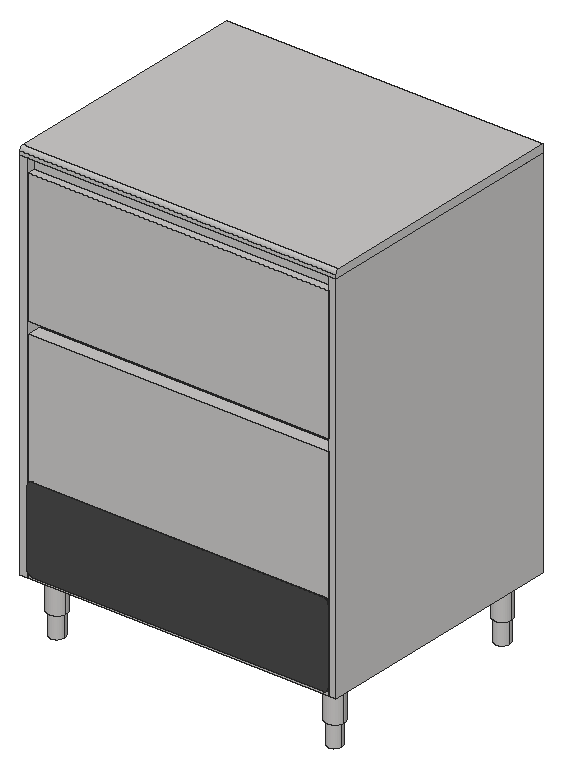
Revit family "QF_ELECTROLUXPROFESSIONAL_730307_ICB153I75SNP", category Attrezzature speciali, Revit 2018
Family settings
  Quota connettore circolare = Usa diametro
  Tipo di parte = Normale
  Basato su piano di lavoro = No
  Sempre verticale = Sì
  Taglio con vuoti quando caricato = No
  Condiviso = No
  Punto di calcolo locali = No
Parameters (values of type "Standard")
  Weight = 95.00 kg
  Watts = 0 W
  Volts = 220 V
  URL Manufacturer = "https://www.electroluxprofessional.com/"
  URL = "https://www.electroluxprofessional.com/"
  Steam Supply Size = 0 mm
  Steam Supply Minimum Pressure = 0.0 Pa
  Steam Supply Maximum Pressure = 0.0 Pa
  Steam Pounds per Hour = 0
  Show Logo [instance] = yes
  Show Clearance [instance] = yes
  Refrigeration Suction Line Size = 0 mm
  Refrigeration Liquid Line Size = 0 mm
  Refrigerant Compressor Remote = yes
  Produttore = "Electrolux Professional"
  Phase = 1
  Modello = "ICB153I75SNP"
  Length Actual = 860 mm  # constant formula
  Item Number = "730307"
  Hot Water Size = 0 mm
  Height Actual = 1149 mm  # constant formula
  HP = "0 HP"
  Gas Size = 0 mm
  Gas KW = 0
  Gas Input Pressure = 0 W
  Descrizione = "AIR COOLED ICE CUBER 22GR 153KG/24H-BIN 75KG"
  Depth Actual = 700 mm  # constant formula
  Cycle = 50 Hz
  Condensate Return Size = 0 mm
  Compressed Air Volume = 0.0 L/s
  Compressed Air Size = 0 mm
  Compressed Air Pressure = 0.0 Pa
  Cold Water Size = 19.05 mm
  Accessory = yes
Reference planes
  plane 1 "Center X": y = 272.851
  plane 2: z = 0
  plane 3 "Center Y": x = -501.5
  plane 4 "LEFT": x = -931.5
  plane 5 "RIGHT": x = -71.5
  plane 6 "FRONT": y = -77.649
  plane 7 "BACK": y = 623.351
  plane 8: z = 154
  plane 9: z = 1198
  plane 10: z = 1178
  plane 11: x = -911.5
  plane 12: x = -91.5
  plane 13: y = -37.649
Forms (mm)
  Extrusion 1, solid, material "QF_Finishes_Black"
    sketch origin (-217.296, -77.649, 371.513) x (-1, 0, 0) y (0, 0, -1)
      loop
        arc (679.204, -20.487) -> (689.811, -16.093) -> (694.204, -5.487) r 15
        line (694.204, -5.487) -> (694.204, 195.469)
        arc (694.204, 195.469) -> (689.811, 206.075) -> (679.204, 210.469) r 15
        line (679.204, 210.469) -> (-110.796, 210.469)
        arc (-110.796, 210.469) -> (-121.403, 206.075) -> (-125.796, 195.469) r 15
        line (-125.796, 195.469) -> (-125.796, -5.487)
        arc (-125.796, -5.487) -> (-121.403, -16.093) -> (-110.796, -20.487) r 15
        line (-110.796, -20.487) -> (679.204, -20.487)
    from 0 to 2
  Extrusion 2, solid, material "QF_Finishes_Stainless Steel"
    sketch origin (-501.5, 0, 0) x (0, 1, 0) y (0, 0, 1)
      loop
        line (623.351, 1178) -> (623.351, 1198) -> (-67.649, 1198)
        arc (-67.649, 1198) -> (-74.72, 1195.071) -> (-77.649, 1188) r 10
        line (-77.649, 1188) -> (-77.649, 1178) -> (623.351, 1178)
    from -430 to 430
  Extrusion 3, solid, material "QF_Finishes_Stainless Steel"
    sketch origin (-519.2, 623.351, -284.545) x (1, 0, 0) y (0, 0, -1)
      loop
        circle (378.2, -654.545) r 10
    from 0 to 10
  Extrusion 4, solid, material "QF_Finishes_Stainless Steel"
    sketch origin (0, 0, 0) x (1, 0, 0) y (0, 1, 0)
      loop
        line (-931.5, 623.351) -> (-931.5, -77.649) -> (-911.5, -77.649) -> (-911.5, 623.351) -> (-931.5, 623.351)
    from 154 to 1178
  Extrusion 5, solid, material "QF_Finishes_Stainless Steel"
    sketch origin (0, 0, 0) x (1, 0, 0) y (0, 1, 0)
      loop
        line (-91.5, 623.351) -> (-91.5, -77.649) -> (-71.5, -77.649) -> (-71.5, 623.351) -> (-91.5, 623.351)
    from 154 to 1178
  Extrusion 6, solid, material "QF_Finishes_Stainless Steel"
    sketch origin (0, 0, 0) x (1, 0, 0) y (0, 1, 0)
      loop
        line (-911.5, 623.351) -> (-911.5, -37.649) -> (-91.5, -37.649) -> (-91.5, 623.351) -> (-911.5, 623.351)
    from 154 to 1178
  Extrusion 7, solid, material "QF_Finishes_Stainless Steel"
    sketch origin (0, 0, 0) x (1, 0, 0) y (0, 1, 0)
      loop
        line (-911.5, -77.649) -> (-91.5, -77.649) -> (-91.5, -37.649) -> (-911.5, -37.649) -> (-911.5, -77.649)
    from 154 to 748.657
  Extrusion 8, solid, material "QF_Finishes_Stainless Steel"
    sketch origin (-501.5, 0, 0) x (0, 1, 0) y (0, 0, 1)
      loop
        line (-37.649, 1178) -> (-57.649, 1178) -> (-57.649, 1142) -> (-77.649, 1142) -> (-77.649, 780.633) -> (-57.649, 780.633) -> (-57.649, 765.633) -> (-37.649, 765.633) -> (-37.649, 1178)
    from -410 to 410
  Extrusion 9, solid, material "QF_Finishes_Stainless Steel"
    sketch origin (-504.7, 623.351, -432.545) x (1, 0, 0) y (0, 0, -1)
      loop
        circle (378.2, -654.545) r 10
    from 0 to 10
  Extrusion 10, solid, material "QF_Finishes_Stainless Steel"
    sketch origin (-560.2, 623.351, -316.545) x (1, 0, 0) y (0, 0, -1)
      loop
        circle (378.2, -654.545) r 10
    from 0 to 10
Lines and regions (mm)
  Split face 1
    outline origin (-501.5, -57.649, 1178) x (0, 0, -1) y (1, 0, 0)
      loop
        line (5.715, 287.428) -> (30.715, 287.428) -> (30.715, 327.428) -> (5.715, 327.428) -> (5.715, 287.428)
  symbolic lines
    curve 1: line (-931.5, 623.351, 0) -> (-71.5, 623.351, 0)
    curve 2: line (-931.5, -77.649, 0) -> (-931.5, 623.351, 0)
    curve 3: line (-71.5, -77.649, 0) -> (-931.5, -77.649, 0)
    curve 4: line (-71.5, 623.351, 0) -> (-71.5, -77.649, 0)
Dimensions and locks
  equal spacing: plane 4 "LEFT", plane 3 "Center Y", plane 5 "RIGHT"
  plane 4 "LEFT" to plane 5 "RIGHT" = 860 mm
  equal spacing: plane 7 "BACK", plane 1 "Center X", plane 6 "FRONT"
  plane 7 "BACK" to plane 6 "FRONT" = 701 mm
  plane 8 to plane 2 = 154 mm
  plane 9 to plane 8 = 1044 mm
  locked: plane 4 "LEFT" to plane 11 at 20
  locked: plane 12 to plane 5 "RIGHT" at 20
  locked: plane 9 to plane 10 at 20
  locked: plane 13 to plane 6 "FRONT" at 40
  aligned and locked: level to plane 2
  aligned and locked: plane 5 "RIGHT" to Extrusion 2
  aligned and locked: Extrusion 2 to plane 4 "LEFT"
  aligned and locked: Extrusion 4 sketch curve to Extrusion 2  (x2)
  aligned and locked: plane 6 "FRONT" to Extrusion 4 sketch curve
  aligned and locked: Extrusion 4 sketch curve to plane 11
  aligned and locked: Extrusion 5 sketch curve to plane 7 "BACK"
  aligned and locked: plane 12 to Extrusion 5 sketch curve
  aligned and locked: Extrusion 5 sketch curve to Extrusion 2  (x2)
  aligned and locked: plane 10 to Extrusion 4
  aligned and locked: plane 10 to Extrusion 5
  aligned and locked: Extrusion 4 to plane 8
  aligned and locked: Extrusion 5 to plane 8
  aligned and locked: Extrusion 6 sketch curve to Extrusion 4
  aligned and locked: Extrusion 4 to Extrusion 6 sketch curve
  aligned and locked: plane 13 to Extrusion 6 sketch curve
  aligned and locked: Extrusion 6 sketch curve to plane 12
  aligned and locked: plane 10 to Extrusion 6
  aligned and locked: Extrusion 6 to plane 8
  aligned and locked: Extrusion 4 to Extrusion 7 sketch curve
  aligned and locked: Extrusion 7 sketch curve to Extrusion 4
  aligned and locked: plane 13 to Extrusion 7 sketch curve
  aligned and locked: plane 12 to Extrusion 7 sketch curve
  aligned and locked: Extrusion 7 to plane 8
  aligned and locked: plane 12 to Extrusion 8
  aligned and locked: Extrusion 8 to plane 11
Automatic sketch dimensions
  curve 3 to plane 4 "LEFT" = 0 mm
  curve 3 to plane 5 "RIGHT" = 0 mm
  curve 3 to plane 6 "FRONT" = 0 mm
  curve 2 to plane 7 "BACK" = 0 mm
  Extrusion 1 sketch curve to plane 12 = 0 mm
  plane 8 to Extrusion 1 sketch curve = 7.044 mm
  Extrusion 1 sketch curve to Extrusion 1 sketch curve = 15 mm  (x3)
  plane 11 to Extrusion 1 sketch curve = 15 mm  (x2)
  Extrusion 1 sketch curve to Extrusion 1 sketch curve = 200.956 mm
  Extrusion 2 sketch curve to plane 6 "FRONT" = 0 mm
  Extrusion 2 sketch curve to plane 9 = 0 mm
  Extrusion 2 sketch curve to plane 7 "BACK" = 0 mm
  Extrusion 2 sketch curve to plane 10 = 0 mm
  plane 6 "FRONT" to Extrusion 2 sketch curve = 10 mm
  Extrusion 6 to Extrusion 3 sketch curve = 216 mm
  Extrusion 3 sketch curve to Extrusion 6 = 49.5 mm
  Split face 1 sketch curve to Extrusion 8 = 5.715 mm
  Extrusion 8 to Split face 1 sketch curve = 5.285 mm
  Split face 1 sketch curve to Extrusion 8 = 122.572 mm
  Split face 1 sketch curve to Split face 1 sketch curve = 40 mm
  Extrusion 9 sketch curve to Extrusion 6 = 35 mm
  Extrusion 6 to Extrusion 9 sketch curve = 68 mm
  Extrusion 10 sketch curve to Extrusion 6 = 90.5 mm
  Extrusion 6 to Extrusion 10 sketch curve = 184 mm
  Extrusion 8 sketch curve to plane 6 "FRONT" = 0 mm
  Extrusion 8 sketch curve to plane 10 = 0 mm
  Extrusion 8 sketch curve to plane 13 = 0 mm
  plane 6 "FRONT" to Extrusion 8 sketch curve = 20 mm
  Extrusion 8 sketch curve to Extrusion 8 sketch curve = 20 mm
  Extrusion 8 sketch curve to plane 10 = 36 mm
  Extrusion 8 sketch curve to Extrusion 8 sketch curve = 361.367 mm
  Extrusion 8 sketch curve to Extrusion 8 sketch curve = 15 mm
  radius of Extrusion 3 sketch curve = 10 mm
  radius of Extrusion 9 sketch curve = 10 mm
  radius of Extrusion 10 sketch curve = 10 mm
Nested families
  nested 1: "Foot_Complete" at (-879.5, -17.649, 0), type "Foot_Complete"
  nested 2: "Foot_Complete" at (-123.5, -17.649, 0) x (-1, 0, 0) z (0, 0, 1), type "Foot_Complete"
  nested 3: "Foot_Complete" at (-879.5, 552.351, 0), type "Foot_Complete"
  nested 4: "Foot_Complete" at (-123.5, 552.351, 0) x (-1, 0, 0) z (0, 0, 1), type "Foot_Complete"
Connectors
  electrical at (-126.5, 633.351, 222), driven by "Volts"
    settings: on Extrusion 9, index 1, voltage 220 V, apparent load 0 VA, apparent load phase1 0 VA, apparent load phase2 0 VA, apparent load phase3 0 VA, power factor 1, load classification "Altro", number of poles 1, system type 30, power factor state 1, is connector primary yes, connector utility no, sub classification motor no, connector description "Electrical Connection"
  piping at (-141, 633.351, 370), diameter 20
    settings: on Extrusion 3, index 2, connector inside diameter 609.6 mm, connector length 0 mm, flow factor 0, pipe flow 0.0 L/s, pressure drop 0.0 Pa, fitting loss kfactor 0, connector angle 0.00°, fixture units 0, engagement length 0 mm, angle of deflection 0.00°, flow configuration 0, flow direction 0, fitting loss method 0, system type 20, joint type 0, gender type 0, connector reference index -1, connector utility 0, adjustable connector no, is connector primary yes, connector description "Cold water"
  piping at (-182, 633.351, 338), diameter 20
    settings: on Extrusion 10, index 3, connector inside diameter 609.6 mm, connector length 0 mm, flow factor 0, pipe flow 0.0 L/s, pressure drop 0.0 Pa, fitting loss kfactor 0, connector angle 0.00°, fixture units 0, engagement length 0 mm, angle of deflection 0.00°, flow configuration 0, flow direction 0, fitting loss method 0, system type 16, joint type 0, gender type 0, connector reference index -1, connector utility 0, adjustable connector no, is connector primary no, connector description "Drain"
Definition of nested family "Foot_Complete"
  Parameters (values of type "Foot_Complete")
    R = 25 mm
    H = 153 mm
  Reference planes
    plane 1 "Centro (Fronte/Retro)": y = 0
    plane 2: z = 0
    plane 3 "Centro (Sinistra/Destra)": x = 0
    plane 4: z = 153
  Forms (mm)
    Revolve 1, solid
      sketch origin (255.05, 0, 608.09) x (0, 0, 1) y (-1, 0, 0)
        loop
          line (-608.09, 255.05) -> (-608.09, 235.05) -> (-548.09, 235.05) -> (-548.09, 230.05) -> (-455.09, 230.05) -> (-455.09, 255.05) -> (-608.09, 255.05)
        axis (-608.09, 255.05) -> (-455.09, 255.05)
      angle from 0 to 360
  Dimensions and locks
    level to Revolve 1 sketch curve = 60 mm
    "R": Revolve 1 sketch curve to plane 3 "Centro (Sinistra/Destra)"
    "H": plane 4 to level
    aligned and locked: level to plane 2
    aligned and locked: plane 4 to Revolve 1 sketch curve
    aligned and locked: Revolve 1 sketch curve to level
    aligned and locked: plane 3 "Centro (Sinistra/Destra)" to Revolve 1 sketch curve
  Automatic sketch dimensions
    Revolve 1 sketch curve to plane 3 "Centro (Sinistra/Destra)" = 0 mm
    plane 3 "Centro (Sinistra/Destra)" to Revolve 1 sketch curve = 20 mm
    Revolve 1 sketch curve to Revolve 1 sketch curve = 50 mm
    Revolve 1 sketch curve to Revolve 1 sketch curve = 20 mm
